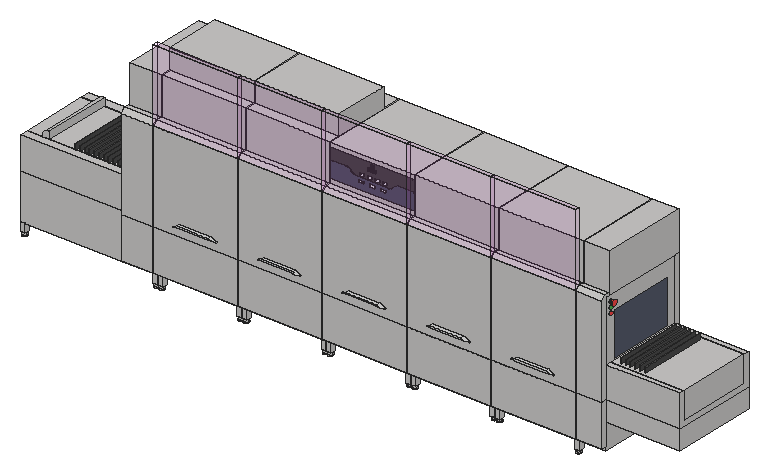
Revit family "QF_ELECTROLUXPROFESSIONAL_520120_EFTD082EL2U2D1M5ER385", category Attrezzature speciali, Revit 2020
Family settings
  Quota connettore circolare = Usa diametro
  Tipo di parte = Normale
  Basato su piano di lavoro = No
  Sempre verticale = Sì
  Taglio con vuoti quando caricato = No
  Condiviso = No
  Punto di calcolo locali = No
Parameters (values of type "Standard")
  Weight = 1381.00 kg
  Watts = 66700 W
  Volts = 380 V
  URL Manufacturer = "https://www.electroluxprofessional.com/"
  URL = "https://www.electroluxprofessional.com/"
  Steam Supply Size = 0 mm
  Steam Supply Minimum Pressure = 0.0 Pa
  Steam Supply Maximum Pressure = 0.0 Pa
  Steam Consumption per Hour = 0
  Show Logo [instance] = yes
  Show Clearance [instance] = yes
  Refrigeration Suction Line Size = 0 mm
  Refrigeration Liquid Line Size = 0 mm
  Refrigerant Compressor Remote = yes
  Prospetto di default = 0 mm
  Produttore = "Electrolux Professional"
  Phase = 3
  Modello = "EFTD082EL2U2D1M5ER385"
  Length Actual = 6250 mm  # constant formula
  Item Number = "520120"
  Hot Water Size = 0 mm
  Height Actual = 1983 mm  # constant formula
  HP = "89.4 HP"
  Gas Size = 0 mm
  Gas KW = 0
  Gas Input Pressure = 0 W
  Direct Waste Size = 50.8 mm
  Descrizione = "FT, 3TANKS, 8200D/H, EL., 950MM LOADING, 1300MM UNLOADING, 1DRYER, 55MM CONVEYOR,ESD,R>L,380V50HZ3P"
  Depth Actual = 946 mm  # constant formula
  Cycle = 50 Hz
  Condensate Return Size = 0 mm
  Compressed Air Volume = 0.0 L/s
  Compressed Air Size = 0 mm
  Compressed Air Pressure = 0.0 Pa
  Cold Water Size = 0 mm
  Accessory = yes
Reference planes
  plane 1 "Centro (Fronte/Retro)": y = 0
  plane 2: z = 0
  plane 3 "Centro (Sinistra/Destra)": x = 0
  plane 4: z = 115
Forms (mm)
  Extrusion 1, solid, material "QF_Finishes_Stainless Steel"
    sketch origin (2582.404, 2, 1806.023) x (1, 0, 0) y (0, 0, 1)
      loop
        line (407.596, -163.023) -> (407.596, -183.023) -> (427.596, -183.023) -> (427.596, -163.023) -> (407.596, -163.023)
    from 0 to 2
  Extrusion 2, solid, material "QF_Finishes_Stainless Steel"
    sketch origin (-5.617, 22.464, 1290.159) x (0, 0, -1) y (0, 1, 0)
      loop
        circle (1102.159, -772.464) r 25
    from -9.383 to 5.617
  Extrusion 3, solid, material "QF_Finishes_Stainless Steel"
    sketch origin (3242.404, 2, 337.984) x (1, 0, 0) y (0, 0, 1)
      loop
        line (407.596, -163.023) -> (407.596, -183.023) -> (427.596, -183.023) -> (427.596, -163.023) -> (407.596, -163.023)
    from 0 to 2
  Extrusion 4, solid, material "QF_Finishes_Stainless Steel"
    sketch origin (647.841, 200.464, 109.383) x (1, 0, 0) y (0, 1, 0)
      loop
        circle (1102.159, -772.464) r 10
    from -9.383 to 5.617
Dimensions and locks
  plane 4 to level = 115 mm
  aligned and locked: level to plane 2
Nested families
  nested 1: "MODULO_CENTER_800_FAN" at (1683.563, -388.258, 0), Show Clearance <- "Show Clearance", type "MODULO_CENTER_800_FAN"
    with Show Logo yes, Show Clearance yes, R_L no, L_R yes
  nested 2: "MODULO_CENTER_800_FAN" at (2483.563, -388.258, 0), Show Clearance <- "Show Clearance", type "MODULO_CENTER_800_FAN"
    with Show Logo yes, Show Clearance yes, R_L no, L_R yes
  nested 3: "MODULO_CENTER_800" at (3283.563, -388.258, 0), Show Clearance <- "Show Clearance", type "MODULO_CENTER_800"
    with Show Logo yes, Show Clearance yes, R_L no, L_R yes
  nested 4: "MODULO_ENTRY_DISH_950" at (5691.437, -523.742, 0) x (-1, 0, 0) z (0, 0, 1), type "MODULO_ENTRY_DISH_950"
    with Show Logo yes, Show Clearance yes, R_L yes, L_R no
  nested 5: "MODULO_USCITA_DISH_1300" at (941.437, -523.742, 0) x (-1, 0, 0) z (0, 0, 1), type "MODULO_USCITA_DISH_1300"
    with Show Logo yes, Show Clearance yes, R_L no, L_R yes
  nested 6: "Piedino_Square_115H" at (23.5, -838.5, 0), type "Piedino_Square_115H"
  nested 7: "Piedino_Square_115H" at (23.5, -73.5, 0), type "Piedino_Square_115H"
  nested 8: "Piedino_Square_115H" at (1276.5, -838.5, 0), type "Piedino_Square_115H"
  nested 9: "Piedino_Square_115H" at (1276.5, -73.5, 0), type "Piedino_Square_115H"
  nested 10: "Piedino_Square_115H" at (1323.5, -838.5, 0), type "Piedino_Square_115H"
  nested 11: "Piedino_Square_115H" at (1323.5, -73.5, 0), type "Piedino_Square_115H"
  nested 12: "Piedino_Square_115H" at (2076.5, -838.5, 0), type "Piedino_Square_115H"
  nested 13: "Piedino_Square_115H" at (2076.5, -73.5, 0), type "Piedino_Square_115H"
  nested 14: "Piedino_Square_115H" at (2123.5, -838.5, 0) x (-1, 0, 0) z (0, 0, 1), type "Piedino_Square_115H"
  nested 15: "Piedino_Square_115H" at (2123.5, -73.5, 0) x (-1, 0, 0) z (0, 0, 1), type "Piedino_Square_115H"
  nested 16: "Piedino_Square_115H" at (2876.5, -838.5, 0) x (-1, 0, 0) z (0, 0, 1), type "Piedino_Square_115H"
  nested 17: "Piedino_Square_115H" at (2876.5, -73.5, 0) x (-1, 0, 0) z (0, 0, 1), type "Piedino_Square_115H"
  nested 18: "Piedino_Square_115H" at (2923.5, -838.5, 0), type "Piedino_Square_115H"
  nested 19: "Piedino_Square_115H" at (2923.5, -73.5, 0), type "Piedino_Square_115H"
  nested 20: "Piedino_Square_115H" at (3676.5, -838.5, 0), type "Piedino_Square_115H"
  nested 21: "Piedino_Square_115H" at (3676.5, -73.5, 0), type "Piedino_Square_115H"
  nested 22: "MANIGLIA_FLIGHT_400" at (3300, -912, 639.28) x (1, 0, 0) z (0, -1, 0), type "MANIGLIA_FLIGHT_400"
  nested 23: "MANIGLIA_FLIGHT_400" at (2500, -912, 639.28) x (1, 0, 0) z (0, -1, 0), type "MANIGLIA_FLIGHT_400"
  nested 24: "MANIGLIA_FLIGHT_400" at (1700, -912, 639.28) x (1, 0, 0) z (0, -1, 0), type "MANIGLIA_FLIGHT_400"
  nested 25: "MODULO_CENTER_800" at (4116.437, -388.258, 0) x (-1, 0, 0) z (0, 0, 1), Show Clearance <- "Show Clearance", type "MODULO_CENTER_800"
    with Show Logo yes, Show Clearance yes, R_L no, L_R yes
  nested 26: "Piedino_Square_115H" at (4476.5, -838.5, 0) x (-1, 0, 0) z (0, 0, 1), type "Piedino_Square_115H"
  nested 27: "Piedino_Square_115H" at (4476.5, -73.5, 0) x (-1, 0, 0) z (0, 0, 1), type "Piedino_Square_115H"
  nested 28: "Piedino_Square_115H" at (3723.5, -838.5, 0) x (-1, 0, 0) z (0, 0, 1), type "Piedino_Square_115H"
  nested 29: "Piedino_Square_115H" at (3723.5, -73.5, 0) x (-1, 0, 0) z (0, 0, 1), type "Piedino_Square_115H"
  nested 30: "MANIGLIA_FLIGHT_400" at (4100, -912, 639.28) x (-1, 0, 0) z (0, -1, 0), type "MANIGLIA_FLIGHT_400"
  nested 31: "MODULO_CENTER_800" at (4883.563, -388.258, 0), Show Clearance <- "Show Clearance", type "MODULO_CENTER_800"
    with Show Logo yes, Show Clearance yes, R_L no, L_R yes
  nested 32: "Piedino_Square_115H" at (4523.5, -838.5, 0), type "Piedino_Square_115H"
  nested 33: "Piedino_Square_115H" at (4523.5, -73.5, 0), type "Piedino_Square_115H"
  nested 34: "Piedino_Square_115H" at (5276.5, -838.5, 0), type "Piedino_Square_115H"
  nested 35: "Piedino_Square_115H" at (5276.5, -73.5, 0), type "Piedino_Square_115H"
  nested 36: "MANIGLIA_FLIGHT_400" at (4900, -912, 639.28) x (1, 0, 0) z (0, -1, 0), type "MANIGLIA_FLIGHT_400"
  nested 37: "Schermo_Flight_800" at (3300, -815, 1594.493) x (1, 0, 0) z (0, -1, 0), type "Schermo_Flight_800"
  nested 38: "ELX_LOGO_WORDS_WHITE" at (3300, -816.6, 1684.493) x (1, 0, 0) z (0, -1, 0), Show Logo <- "Show Logo", visible <- "Show Logo", type "ELX_LOGO_WORDS_WHITE"
    with Show Logo yes
  nested 39: "ELX_LOGO_MONO_SMALL_WHITE" at (3290.08, -816.6, 1670.493) x (-1, 0, 0) z (0, -1, 0), Show Logo <- "Show Logo", visible <- "Show Logo", type "ELX_LOGO_MONO_SMALL_WHITE"
    with Show Logo yes
Connectors
  electrical at (3000, 2, 1633)
    settings: on Extrusion 1, index 69, voltage 0 V, apparent load 0 VA, apparent load phase1 0 VA, apparent load phase2 0 VA, apparent load phase3 0 VA, power factor 1, load classification "Altro", number of poles 1, system type 30, power factor state 1, is connector primary yes, connector utility no, sub classification motor no, connector description "EI"
  piping at (-15, -750, 188), diameter 50
    settings: on Extrusion 2, index 70, connector inside diameter 609.6 mm, connector length 0 mm, flow factor 0, pipe flow 0.0 L/s, pressure drop 0.0 Pa, fitting loss kfactor 0, connector angle 0.00°, fixture units 0, engagement length 0 mm, angle of deflection 0.00°, flow configuration 0, flow direction 0, fitting loss method 0, system type 29, joint type 0, gender type 0, connector reference index -1, connector utility 0, adjustable connector no, is connector primary yes, connector description "D"
  electrical at (3660, 2, 164.961)
    settings: on Extrusion 3, index 71, voltage 0 V, apparent load 0 VA, apparent load phase1 0 VA, apparent load phase2 0 VA, apparent load phase3 0 VA, power factor 1, load classification "Altro", number of poles 1, system type 30, power factor state 1, is connector primary no, connector utility no, sub classification motor no, connector description "EQ"
  piping at (1750, -572, 100), diameter 19.1
    settings: on Extrusion 4, index 72, connector inside diameter 609.6 mm, connector length 0 mm, flow factor 0, pipe flow 0.0 L/s, pressure drop 0.0 Pa, fitting loss kfactor 0, connector angle 0.00°, fixture units 0, engagement length 0 mm, angle of deflection 0.00°, flow configuration 0, flow direction 0, fitting loss method 0, system type 29, joint type 0, gender type 0, connector reference index -1, connector utility 0, adjustable connector no, is connector primary no, connector description "HWI/CWI"
Definition of nested family "MODULO_CENTER_800_FAN"
  Parameters (values of type "MODULO_CENTER_800_FAN")
    URL = "http://professional.electrolux.com"
    Show Logo [instance] = yes
    R_L [instance] = not(L_R)  # no
    Default Elevation = 0 mm
    Manufacturer = "Electrolux"
    Model = "ESR10E5"
    Length Actual = 800 mm
    Show Clearance [instance] = yes
    L_R [instance] = yes
    Height Actual = 1792 mm
    Description = "SINGLE RINSE RT, 100R/H, ELECTRIC 50HZ"
    Depth Actual = 912 mm
  Reference planes
    plane 1 "Center X": y = -67.742
    plane 2: z = 0
    plane 3 "LEFT": x = -383.563
    plane 4 "RIGHT": x = 416.437
    plane 5 "BACK": y = 388.258
    plane 6 "FEET": z = 115
    plane 7: z = 2092
    plane 8 "TOP": z = 1792
    plane 9 "FRONT": y = -523.742
    plane 10 "Left/Right": x = 16.437
    plane 11 "TopVent": z = 1983
  Forms (mm)
    Extrusion 1, solid
      sketch origin (416.437, 479.936, 4000) x (0, 1, 0) y (0, 0, 1)
        loop
          line (-91.678, -2208) -> (-906.678, -2208) -> (-906.678, -2580) -> (-91.678, -2580) -> (-91.678, -2208)
      from -800 to 0
    Extrusion 2, solid
      sketch origin (-383.563, 437.565, 3910) x (0, 1, 0) y (0, 0, 1)
        loop
          line (-99.307, -2490) -> (-911.307, -2490) -> (-911.307, -3552) -> (-99.307, -3552) -> (-99.307, -2490)
      from 800 to 0
    Extrusion 3, solid
      sketch origin (416.437, 479.936, 4299) x (0, 1, 0) y (0, 0, 1)
        loop
          line (-278.21, -2316) -> (-803.678, -2316) -> (-803.678, -2507) -> (-278.21, -2507) -> (-278.21, -2316)
      from -800 to 0
    Extrusion 4, solid
      sketch origin (16.437, 0, 1.5) x (0, 0, 1) y (0, -1, 0)
        loop
          line (356.5, -338.258) -> (356.5, 473.742) -> (113.5, 473.742) -> (113.5, -338.258) -> (356.5, -338.258)
      from 400 to -400
    Extrusion 5, solid
      sketch origin (16.437, 0, 0) x (0, 0, 1) y (0, -1, 0)
        loop
          line (1420, -338.258) -> (545, -338.258) -> (545, -388.258) -> (1420, -388.258) -> (1420, -338.258)
      from -400 to 400
    Extrusion 6, solid
      sketch origin (16.437, 0, 0) x (0, 0, 1) y (0, -1, 0)
        loop
          line (545, -388.258) -> (545, -338.258) -> (154, -338.258) -> (154, -388.258) -> (545, -388.258)
      from -400 to 400
    Extrusion 7, solid
      sketch origin (16.437, -882.484, -150) x (0, -1, 0) y (0, 0, 1)
        loop
          line (-358.742, 304) -> (-358.742, 695) -> (-408.742, 695) -> (-408.742, 304) -> (-358.742, 304)
      from -400 to 400
    Extrusion 8, solid
      sketch origin (16.437, -882.484, -151) x (0, -1, 0) y (0, 0, 1)
        loop
          line (-408.742, 1571) -> (-408.742, 696) -> (-358.742, 696) -> (-358.742, 1556) -> (-395.742, 1593) -> (-443.742, 1593) -> (-443.742, 1571) -> (-408.742, 1571)
      from -400 to 400
    Extrusion 9, solid, visible <- "Show Clearance"
      sketch origin (16.437, -882.484, 452) x (0, -1, 0) y (0, 0, 1)
        loop
          line (-408.742, 1640) -> (-408.742, 953.624) -> (-358.742, 953.624) -> (-358.742, 1640) -> (-408.742, 1640)
      from -400 to 400
  Dimensions and locks
    plane 3 "LEFT" to plane 4 "RIGHT" = 800 mm
    plane 5 "BACK" to plane 1 "Center X" to plane 9 "FRONT" = 456 mm, 456 mm
    plane 6 "FEET" to level = 115 mm  (x2)
    plane 6 "FEET" to plane 8 "TOP" = 1677 mm
    plane 5 "BACK" to plane 9 "FRONT" = 912 mm  (x2)
    plane 4 "RIGHT" to plane 3 "LEFT" = 800 mm
    plane 9 "FRONT" to plane 5 "BACK" = 912 mm
    level to plane 8 "TOP" = 1792 mm  (x2)
    plane 7 to level = 2092 mm
    plane 11 "TopVent" to plane 2 = 1983 mm
    plane 7 to plane 2 = 2092 mm
    Extrusion 2 to level = 1420 mm
    Extrusion 8 to level = 1442 mm
    plane 11 "TopVent" to level = 1983 mm
    aligned and locked: level to plane 2
Definition of nested family "MODULO_CENTER_800"
  Parameters (values of type "MODULO_CENTER_800")
    URL = "http://professional.electrolux.com"
    Show Logo [instance] = yes
    R_L [instance] = not(L_R)  # no
    Default Elevation = 0 mm
    Manufacturer = "Electrolux"
    Model = "ESR10E5"
    Length Actual = 800 mm
    Show Clearance [instance] = yes
    L_R [instance] = yes
    Height Actual = 1792 mm
    Description = "SINGLE RINSE RT, 100R/H, ELECTRIC 50HZ"
    Depth Actual = 912 mm
  Reference planes
    plane 1 "Center X": y = -67.742
    plane 2: z = 0
    plane 3 "LEFT": x = -383.563
    plane 4 "RIGHT": x = 416.437
    plane 5 "BACK": y = 388.258
    plane 6 "FEET": z = 115
    plane 7: z = 2092
    plane 8 "TOP": z = 1792
    plane 9 "FRONT": y = -523.742
    plane 10 "Left/Right": x = 16.437
  Forms (mm)
    Extrusion 1, solid
      sketch origin (416.437, 479.936, 4000) x (0, 1, 0) y (0, 0, 1)
        loop
          line (-91.678, -2208) -> (-906.678, -2208) -> (-906.678, -2580) -> (-91.678, -2580) -> (-91.678, -2208)
      from -800 to 0
    Extrusion 2, solid
      sketch origin (-383.563, 437.565, 3915) x (0, 1, 0) y (0, 0, 1)
        loop
          line (-99.307, -2495) -> (-911.307, -2495) -> (-911.307, -3557) -> (-99.307, -3557) -> (-99.307, -2495)
      from 800 to 0
    Extrusion 3, solid
      sketch origin (16.437, 0, 1.5) x (0, 0, 1) y (0, -1, 0)
        loop
          line (356.5, -338.258) -> (356.5, 473.742) -> (113.5, 473.742) -> (113.5, -338.258) -> (356.5, -338.258)
      from 400 to -400
    Extrusion 4, solid
      sketch origin (16.437, 0, 0) x (0, 0, 1) y (0, -1, 0)
        loop
          line (1420, -338.258) -> (545, -338.258) -> (545, -388.258) -> (1420, -388.258) -> (1420, -338.258)
      from -400 to 400
    Extrusion 5, solid
      sketch origin (16.437, 0, 0) x (0, 0, 1) y (0, -1, 0)
        loop
          line (545, -388.258) -> (545, -338.258) -> (154, -338.258) -> (154, -388.258) -> (545, -388.258)
      from -400 to 400
    Extrusion 6, solid
      sketch origin (16.437, -882.484, -150) x (0, -1, 0) y (0, 0, 1)
        loop
          line (-358.742, 304) -> (-358.742, 695) -> (-408.742, 695) -> (-408.742, 304) -> (-358.742, 304)
      from -400 to 400
    Extrusion 7, solid
      sketch origin (16.437, -882.484, -151) x (0, -1, 0) y (0, 0, 1)
        loop
          line (-408.742, 1571) -> (-408.742, 696) -> (-358.742, 696) -> (-358.742, 1556) -> (-395.742, 1593) -> (-443.742, 1593) -> (-443.742, 1571) -> (-408.742, 1571)
      from -400 to 400
    Extrusion 8, solid, visible <- "Show Clearance"
      sketch origin (16.437, -882.484, 452) x (0, -1, 0) y (0, 0, 1)
        loop
          line (-408.742, 1640) -> (-408.742, 953.624) -> (-358.742, 953.624) -> (-358.742, 1640) -> (-408.742, 1640)
      from -400 to 400
  Dimensions and locks
    plane 3 "LEFT" to plane 4 "RIGHT" = 800 mm
    plane 5 "BACK" to plane 1 "Center X" to plane 9 "FRONT" = 456 mm, 456 mm
    plane 6 "FEET" to level = 115 mm  (x2)
    plane 6 "FEET" to plane 8 "TOP" = 1677 mm
    plane 5 "BACK" to plane 9 "FRONT" = 912 mm  (x2)
    plane 4 "RIGHT" to plane 3 "LEFT" = 800 mm
    plane 9 "FRONT" to plane 5 "BACK" = 912 mm
    level to plane 8 "TOP" = 1792 mm  (x2)
    plane 7 to level = 2092 mm
    plane 7 to plane 2 = 2092 mm
    Extrusion 2 to level = 1420 mm
    Extrusion 7 to level = 1442 mm
    aligned and locked: level to plane 2
Definition of nested family "MODULO_ENTRY_DISH_950"
  Parameters (values of type "MODULO_ENTRY_DISH_950")
    URL = "http://professional.electrolux.com"
    Show Logo [instance] = yes
    R_L [instance] = not(L_R)  # no
    Default Elevation = 0 mm
    Manufacturer = "Electrolux"
    Model = "ESR10E5"
    Length Actual = 800 mm
    Show Clearance [instance] = yes
    L_R [instance] = yes
    Height Actual = 1792 mm
    Description = "SINGLE RINSE RT, 100R/H, ELECTRIC 50HZ"
    Depth Actual = 912 mm
  Reference planes
    plane 1 "Center (Front/Back)": y = -67.742
    plane 2: z = 0
    plane 3 "LEFT": x = -558.563
    plane 4 "RIGHT": x = 391.437
    plane 5 "BACK": y = 388.258
    plane 6 "FRONT": y = -523.742
    plane 7 "BUTTONS": y = -427.742
    plane 8: z = 115
    plane 9 "2": y = 292.258
  Forms (mm)
    Extrusion 1, solid, visible <- "L_R"
      sketch origin (391.437, 479.936, 4000) x (0, 1, 0) y (0, 0, 1)
        loop
          line (-91.678, -2208) -> (-906.678, -2208) -> (-906.678, -2580) -> (-91.678, -2580) -> (-91.678, -2208)
      from -250 to 0
    Extrusion 2, solid
      sketch origin (-358.563, 437.565, 3910) x (0, 1, 0) y (0, 0, 1)
        loop
          line (-99.307, -2490) -> (-911.307, -2490) -> (-911.307, -3552) -> (-99.307, -3552) -> (-99.307, -2490)
      from 750 to 500
    Extrusion 3, solid
      sketch origin (-558.563, 437.565, 3910) x (0, 1, 0) y (0, 0, 1)
        loop
          line (-99.307, -3365) -> (-99.307, -3060) -> (-149.307, -3060) -> (-149.307, -3315) -> (-861.307, -3315) -> (-861.307, -3060) -> (-911.307, -3060) -> (-911.307, -3365) -> (-99.307, -3365)
      from 700 to 0
    Extrusion 4, solid
      sketch origin (16.437, 0, -4.987) x (0, 0, 1) y (0, -1, 0)
        loop
          line (362.987, -338.258) -> (362.987, 473.742) -> (119.987, 473.742) -> (119.987, -338.258) -> (362.987, -338.258)
      from 375 to 125
    Extrusion 5, solid, visible <- "L_R"
      sketch origin (16.437, 0, 0) x (0, 0, 1) y (0, -1, 0)
        loop
          line (1420, -338.258) -> (545, -338.258) -> (545, -388.258) -> (1420, -388.258) -> (1420, -338.258)
      from 125 to 375
    Extrusion 6, solid
      sketch origin (16.437, 0, 0) x (0, 0, 1) y (0, -1, 0)
        loop
          line (545, -388.258) -> (545, -338.258) -> (154, -338.258) -> (154, -388.258) -> (545, -388.258)
      from 125 to 375
    Extrusion 7, solid
      sketch origin (-558.563, 437.565, 3607.258) x (0, 1, 0) y (0, 0, 1)
        loop
          line (-99.307, -3249.258) -> (-99.307, -3062.258) -> (-911.307, -3062.258) -> (-911.307, -3249.258) -> (-99.307, -3249.258)
      from 700 to 0
    Extrusion 8, solid
      sketch origin (-558.563, 437.565, 4000) x (0, 1, 0) y (0, 0, 1)
        loop
          line (-149.307, -3150) -> (-861.307, -3150) -> (-861.307, -3405) -> (-149.307, -3405) -> (-149.307, -3150)
      from 0 to 700
    Extrusion 9, solid
      sketch origin (266.437, -882.484, -150) x (0, -1, 0) y (0, 0, 1)
        loop
          line (-358.742, 304) -> (-358.742, 695) -> (-408.742, 695) -> (-408.742, 304) -> (-358.742, 304)
      from -125 to 125
    Extrusion 10, solid, visible <- "L_R"
      sketch origin (266.437, -882.484, -151) x (0, -1, 0) y (0, 0, 1)
        loop
          line (-408.742, 1571) -> (-408.742, 696) -> (-358.742, 696) -> (-358.742, 1556) -> (-395.742, 1593) -> (-443.742, 1593) -> (-443.742, 1571) -> (-408.742, 1571)
      from -125 to 125
    Extrusion 11, solid
      sketch origin (-358.563, 437.565, 4000) x (0, 1, 0) y (0, 0, 1)
        loop
          line (-199.307, -2725.701) -> (-811.307, -2725.701) -> (-811.307, -3137.701) -> (-199.307, -3137.701) -> (-199.307, -2725.701)
      from 495.458 to 500
    Extrusion 12, solid, visible <- "R_L"
      sketch origin (266.437, 747, -151) x (0, 1, 0) y (0, 0, -1)
        loop
          line (-408.742, -1571) -> (-443.742, -1571) -> (-443.742, -1593) -> (-395.742, -1593) -> (-358.742, -1556) -> (-358.742, -696) -> (-408.742, -696) -> (-408.742, -1571)
      from -125 to 125
    Extrusion 13, solid, visible <- "R_L"
      sketch origin (16.437, -135.484, 0) x (0, 0, 1) y (0, -1, 0)
        loop
          line (1420, 338.258) -> (1420, 388.258) -> (545, 388.258) -> (545, 338.258) -> (1420, 338.258)
      from 125 to 375
    Extrusion 14, solid, visible <- "R_L"
      sketch origin (391.437, -615.42, 4000) x (0, -1, 0) y (0, 0, -1)
        loop
          line (-91.678, 2208) -> (-91.678, 2580) -> (-906.678, 2580) -> (-906.678, 2208) -> (-91.678, 2208)
      from -250 to 0
    Extrusion 15, solid
      sketch origin (-191.477, -192.742, -3) x (-1, 0, 0) y (0, 0, 1)
        loop
          line (-26.676, 853) -> (-26.676, 898) -> (-36.676, 898) -> (-36.676, 853) -> (-26.676, 853)
      from -196 to 446
    Extrusion 16, solid
      sketch origin (-146.477, -192.742, -3) x (-1, 0, 0) y (0, 0, 1)
        loop
          line (-26.676, 853) -> (-26.676, 898) -> (-36.676, 898) -> (-36.676, 853) -> (-26.676, 853)
      from -196 to 446
    Extrusion 17, solid
      sketch origin (-101.477, -192.742, -3) x (-1, 0, 0) y (0, 0, 1)
        loop
          line (-26.676, 853) -> (-26.676, 898) -> (-36.676, 898) -> (-36.676, 853) -> (-26.676, 853)
      from -196 to 446
    Extrusion 18, solid
      sketch origin (-56.477, -192.742, -3) x (-1, 0, 0) y (0, 0, 1)
        loop
          line (-26.676, 853) -> (-26.676, 898) -> (-36.676, 898) -> (-36.676, 853) -> (-26.676, 853)
      from -196 to 446
    Extrusion 19, solid
      sketch origin (-11.477, -192.742, -3) x (-1, 0, 0) y (0, 0, 1)
        loop
          line (-26.676, 853) -> (-26.676, 898) -> (-36.676, 898) -> (-36.676, 853) -> (-26.676, 853)
      from -196 to 446
    Extrusion 20, solid
      sketch origin (33.523, -192.742, -3) x (-1, 0, 0) y (0, 0, 1)
        loop
          line (-26.676, 853) -> (-26.676, 898) -> (-36.676, 898) -> (-36.676, 853) -> (-26.676, 853)
      from -196 to 446
  Dimensions and locks
    plane 3 "LEFT" to plane 4 "RIGHT" = 950 mm
    plane 5 "BACK" to plane 1 "Center (Front/Back)" to plane 6 "FRONT" = 456 mm, 456 mm
    plane 5 "BACK" to plane 6 "FRONT" = 912 mm  (x2)
    plane 4 "RIGHT" to plane 3 "LEFT" = 950 mm  (x2)
    plane 6 "FRONT" to plane 5 "BACK" = 912 mm
    plane 8 to level = 115 mm
    Extrusion 1 to level = 1792 mm
    Extrusion 3 to level = 850 mm
    aligned and locked: level to plane 2
  Nested families
    nested 1: "BOTTONE_RED_STOP" at (141.437, -427.742, 1266.906) x (0, -1, 0) z (-1, 0, 0), visible <- "L_R", type "BOTTONE_RED_STOP"
    nested 2: "BOTTONE_EMERGENCY_STOP" at (141.437, -427.742, 1370) x (0, -1, 0) z (-1, 0, 0), visible <- "L_R", type "BOTTONE_EMERGENCY_STOP"
    nested 3: "BOTTONE_GREEN_START" at (141.437, -427.742, 1316.906) x (0, -1, 0) z (-1, 0, 0), visible <- "L_R", type "BOTTONE_GREEN_START"
    nested 4: "BOTTONE_RED_STOP" at (141.437, 292.258, 1267.906) x (0, 1, 0) z (-1, 0, 0), visible <- "R_L", type "BOTTONE_RED_STOP"
    nested 5: "BOTTONE_EMERGENCY_STOP" at (141.437, 292.258, 1371) x (0, 1, 0) z (-1, 0, 0), visible <- "R_L", type "BOTTONE_EMERGENCY_STOP"
    nested 6: "BOTTONE_GREEN_START" at (141.437, 292.258, 1317.906) x (0, 1, 0) z (-1, 0, 0), visible <- "R_L", type "BOTTONE_GREEN_START"
  Definition of nested family "BOTTONE_RED_STOP"
    Parameters (values of type "BOTTONE_RED_STOP")
      Default Elevation = 1219.2 mm
    Reference planes
      plane 1 "Centro (Fronte/Retro)": y = 0
      plane 2: z = 0
      plane 3 "Centro (Sinistra/Destra)": x = 0
    Forms (mm)
      Extrusion 1, solid
        sketch origin (0, 0, 0) x (1, 0, 0) y (0, 1, 0)
          loop
            line (-1219.2, 1219.2) -> (-1219.2, -1219.2) -> (1219.2, -1219.2) -> (1219.2, 1219.2) -> (-1219.2, 1219.2)
        from 0 to -304.8
      Extrusion 2, solid
        sketch origin (-367.513, 69.533, 15) x (-1, 0, 0) y (0, 1, 0)
          loop
            circle (-367.513, -69.533) r 15
        from 0 to 15
    Dimensions and locks
      aligned and locked: plane 2 to Extrusion 1
      aligned and locked: level to Extrusion 1
  Definition of nested family "BOTTONE_EMERGENCY_STOP"
    Parameters
      Default Elevation = 1219.2 mm
    Reference planes
      plane 1 "Centro (Fronte/Retro)": y = 0
      plane 2: z = 0
      plane 3 "Centro (Sinistra/Destra)": x = 0
    Forms (mm)
      Extrusion 1, solid
        sketch origin (0, 0, 0) x (1, 0, 0) y (0, 1, 0)
          loop
            line (-1219.2, 1219.2) -> (-1219.2, -1219.2) -> (1219.2, -1219.2) -> (1219.2, 1219.2) -> (-1219.2, 1219.2)
        from 0 to -304.8
      Extrusion 2, solid
        sketch origin (0, 0, 0) x (1, 0, 0) y (0, 1, 0)
          loop
            circle (0, 0) r 15
        from 0 to 20.273
      Blend 3, solid
        base sketch origin (-49.801, 0, 0) x (1, 0, 0) y (0, 1, 0)
          loop
            circle (49.801, 0) r 15
        top sketch origin (-49.801, 0, 0) x (1, 0, 0) y (0, 1, 0)
          loop
            circle (49.801, 0) r 25
        from 20.273 to 47.605
    Dimensions and locks
      aligned and locked: plane 2 to Extrusion 1
      aligned and locked: level to Extrusion 1
  Definition of nested family "BOTTONE_GREEN_START"
    Parameters (values of type "BOTTONE_GREEN_START")
      Default Elevation = 1219.2 mm
    Reference planes
      plane 1 "Centro (Fronte/Retro)": y = 0
      plane 2: z = 0
      plane 3 "Centro (Sinistra/Destra)": x = 0
    Forms (mm)
      Extrusion 1, solid
        sketch origin (0, 0, 0) x (1, 0, 0) y (0, 1, 0)
          loop
            line (-1219.2, 1219.2) -> (-1219.2, -1219.2) -> (1219.2, -1219.2) -> (1219.2, 1219.2) -> (-1219.2, 1219.2)
        from 0 to -304.8
      Extrusion 2, solid
        sketch origin (-367.513, 69.533, 15) x (-1, 0, 0) y (0, 1, 0)
          loop
            circle (-367.513, -69.533) r 15
        from 0 to 15
    Dimensions and locks
      aligned and locked: plane 2 to Extrusion 1
      aligned and locked: level to Extrusion 1
Definition of nested family "MODULO_USCITA_DISH_1300"
  Parameters (values of type "MODULO_USCITA_DISH_1300")
    URL = "http://professional.electrolux.com"
    Show Logo [instance] = yes
    R_L [instance] = not(L_R)  # yes
    Default Elevation = 0 mm
    Manufacturer = "Electrolux"
    Model = "ESR10E5"
    Length Actual = 800 mm
    Show Clearance [instance] = yes
    L_R [instance] = no
    Height Actual = 1792 mm
    Description = "SINGLE RINSE RT, 100R/H, ELECTRIC 50HZ"
    Depth Actual = 912 mm
  Reference planes
    plane 1 "Center (Front/Back)": y = -67.742
    plane 2: z = 0
    plane 3 "LEFT": x = -358.563
    plane 4 "BACK": y = 388.258
    plane 5 "FEET": z = 115
    plane 6 "TOP": z = 1792
    plane 7 "FRONT": y = -523.742
    plane 8 "Left/Right": x = 16.437
    plane 9: x = -358.563
    plane 10: y = -427.742
    plane 11 "RIGHT": x = 941.437
  Forms (mm)
    Extrusion 1, solid, visible <- "R_L"
      sketch origin (-358.563, 479.936, 4003) x (0, 1, 0) y (0, 0, -1)
        loop
          line (-91.678, 2211) -> (-91.678, 2583) -> (-906.678, 2583) -> (-906.678, 2211) -> (-91.678, 2211)
      from -300 to 0
    Extrusion 2, solid
      sketch origin (-358.563, 437.565, 4003) x (0, 1, 0) y (0, 0, 1)
        loop
          line (-99.307, -3458) -> (-911.307, -3458) -> (-911.307, -3888) -> (-99.307, -3888) -> (-99.307, -3458)
      from 300 to 0
    Extrusion 3, solid
      sketch origin (-358.563, 479.936, 4003) x (0, 1, 0) y (0, 0, -1)
        loop
          line (-141.678, 2583) -> (-141.678, 3458) -> (-953.678, 3458) -> (-953.678, 2583) -> (-141.678, 2583)
      from -300 to 0
    Extrusion 4, solid
      sketch origin (391.437, 437.565, 3913) x (0, 1, 0) y (0, 0, -1)
        loop
          line (-99.307, 3368) -> (-911.307, 3368) -> (-911.307, 3063) -> (-826.307, 3063) -> (-826.307, 3318) -> (-184.307, 3318) -> (-184.307, 3063) -> (-99.307, 3063) -> (-99.307, 3368)
      from 450 to -550
    Extrusion 5, solid, visible <- "R_L"
      sketch origin (16.437, 0, 3) x (0, 0, 1) y (0, 1, 0)
        loop
          line (1417, 338.258) -> (1417, 388.258) -> (542, 388.258) -> (542, 338.258) -> (1417, 338.258)
      from 75 to 375
    Extrusion 6, solid
      sketch origin (16.437, 0, 3) x (0, 0, 1) y (0, 1, 0)
        loop
          line (542, 388.258) -> (151, 388.258) -> (151, 338.258) -> (542, 338.258) -> (542, 388.258)
      from 75 to 375
    Extrusion 7, solid
      sketch origin (391.437, 437.565, 3610.258) x (0, 1, 0) y (0, 0, -1)
        loop
          line (-99.307, 3495.258) -> (-911.307, 3495.258) -> (-911.307, 3065.258) -> (-99.307, 3065.258) -> (-99.307, 3495.258)
      from 450 to -550
    Extrusion 8, solid
      sketch origin (991.437, 0, 3) x (0, 1, 0) y (0, 0, 1)
        loop
          line (253.258, 847) -> (-388.742, 847) -> (-388.742, 592) -> (253.258, 592) -> (253.258, 847)
      from -50 to -1050
    Extrusion 9, solid
      sketch origin (-358.563, 437.565, 3928) x (0, 1, 0) y (0, 0, 1)
        loop
          line (-811.307, -3065.701) -> (-199.307, -3065.701) -> (-199.307, -2653.701) -> (-811.307, -2653.701) -> (-811.307, -3065.701)
      from 300 to 304.77
    Extrusion 10, solid
      sketch origin (-208.563, -115, -147) x (0, 1, 0) y (0, 0, 1)
        loop
          line (-358.742, 301) -> (-358.742, 692) -> (-408.742, 692) -> (-408.742, 301) -> (-358.742, 301)
      from -150 to 150
    Extrusion 11, solid, visible <- "R_L"
      sketch origin (-208.563, -882.484, -151) x (0, -1, 0) y (0, 0, 1)
        loop
          line (-408.742, 1571) -> (-408.742, 696) -> (-358.742, 696) -> (-358.742, 1556) -> (-395.742, 1593) -> (-443.742, 1593) -> (-443.742, 1571) -> (-408.742, 1571)
      from -150 to 150
    Extrusion 12, solid
      sketch origin (-39.574, -192.742, -3) x (-1, 0, 0) y (0, 0, 1)
        loop
          line (-26.676, 853) -> (-26.676, 898) -> (-36.676, 898) -> (-36.676, 853) -> (-26.676, 853)
      from -196 to 446
    Extrusion 13, solid
      sketch origin (5.426, -192.742, -3) x (-1, 0, 0) y (0, 0, 1)
        loop
          line (-26.676, 853) -> (-26.676, 898) -> (-36.676, 898) -> (-36.676, 853) -> (-26.676, 853)
      from -196 to 446
    Extrusion 14, solid
      sketch origin (50.426, -192.742, -3) x (-1, 0, 0) y (0, 0, 1)
        loop
          line (-26.676, 853) -> (-26.676, 898) -> (-36.676, 898) -> (-36.676, 853) -> (-26.676, 853)
      from -196 to 446
    Extrusion 15, solid
      sketch origin (95.426, -192.742, -3) x (-1, 0, 0) y (0, 0, 1)
        loop
          line (-26.676, 853) -> (-26.676, 898) -> (-36.676, 898) -> (-36.676, 853) -> (-26.676, 853)
      from -196 to 446
    Extrusion 16, solid
      sketch origin (140.426, -192.742, -3) x (-1, 0, 0) y (0, 0, 1)
        loop
          line (-26.676, 853) -> (-26.676, 898) -> (-36.676, 898) -> (-36.676, 853) -> (-26.676, 853)
      from -196 to 446
    Extrusion 17, solid
      sketch origin (185.426, -192.742, -3) x (-1, 0, 0) y (0, 0, 1)
        loop
          line (-26.676, 853) -> (-26.676, 898) -> (-36.676, 898) -> (-36.676, 853) -> (-26.676, 853)
      from -196 to 446
    Extrusion 18, solid
      sketch origin (230.426, -192.742, -3) x (-1, 0, 0) y (0, 0, 1)
        loop
          line (-26.676, 853) -> (-26.676, 898) -> (-36.676, 898) -> (-36.676, 853) -> (-26.676, 853)
      from -196 to 446
    Extrusion 19, solid
      sketch origin (275.426, -192.742, -3) x (-1, 0, 0) y (0, 0, 1)
        loop
          line (-26.676, 853) -> (-26.676, 898) -> (-36.676, 898) -> (-36.676, 853) -> (-26.676, 853)
      from -196 to 446
    Revolve 20, solid
      sketch origin (295, 0, 850) x (1, 0, 0) y (0, 1, 0)
        loop
          line (430.204, 253.258) -> (430.204, -388.742) -> (502.335, -388.742) -> (502.335, 253.258) -> (430.204, 253.258)
        axis (430.204, 253.258) -> (430.204, -388.742)
      angle from 0 to -90
    Extrusion 21, solid, visible <- "L_R"
      sketch origin (-208.563, 747, -151) x (0, 1, 0) y (0, 0, -1)
        loop
          line (-408.742, -1571) -> (-443.742, -1571) -> (-443.742, -1593) -> (-395.742, -1593) -> (-358.742, -1556) -> (-358.742, -696) -> (-408.742, -696) -> (-408.742, -1571)
      from -150 to 150
    Extrusion 22, solid, visible <- "L_R"
      sketch origin (16.437, -135.484, 3) x (0, 0, 1) y (0, 1, 0)
        loop
          line (1417, -338.258) -> (542, -338.258) -> (542, -388.258) -> (1417, -388.258) -> (1417, -338.258)
      from 75 to 375
    Extrusion 23, solid, visible <- "L_R"
      sketch origin (-358.563, -615.42, 4003) x (0, -1, 0) y (0, 0, 1)
        loop
          line (-91.678, -2211) -> (-906.678, -2211) -> (-906.678, -2583) -> (-91.678, -2583) -> (-91.678, -2211)
      from -300 to 0
    Extrusion 24, solid
      sketch origin (320.426, -192.742, -3) x (-1, 0, 0) y (0, 0, 1)
        loop
          line (-26.676, 853) -> (-26.676, 898) -> (-36.676, 898) -> (-36.676, 853) -> (-26.676, 853)
      from -196 to 446
    Extrusion 25, solid
      sketch origin (365.426, -192.742, -3) x (-1, 0, 0) y (0, 0, 1)
        loop
          line (-26.676, 853) -> (-26.676, 898) -> (-36.676, 898) -> (-36.676, 853) -> (-26.676, 853)
      from -196 to 446
    Extrusion 26, solid
      sketch origin (410.426, -192.742, -3) x (-1, 0, 0) y (0, 0, 1)
        loop
          line (-26.676, 853) -> (-26.676, 898) -> (-36.676, 898) -> (-36.676, 853) -> (-26.676, 853)
      from -196 to 446
    Extrusion 27, solid
      sketch origin (455.426, -192.742, -3) x (-1, 0, 0) y (0, 0, 1)
        loop
          line (-26.676, 853) -> (-26.676, 898) -> (-36.676, 898) -> (-36.676, 853) -> (-26.676, 853)
      from -196 to 446
  Dimensions and locks
    plane 4 "BACK" to plane 1 "Center (Front/Back)" to plane 7 "FRONT" = 456 mm, 456 mm
    plane 5 "FEET" to level = 115 mm  (x2)
    plane 4 "BACK" to plane 7 "FRONT" = 912 mm  (x2)
    plane 7 "FRONT" to plane 4 "BACK" = 912 mm
    level to plane 6 "TOP" = 1792 mm
    plane 3 "LEFT" to plane 8 "Left/Right" = 375 mm
    plane 8 "Left/Right" to plane 11 "RIGHT" = 925 mm
    plane 3 "LEFT" to plane 11 "RIGHT" = 1300 mm
    plane 9 to plane 11 "RIGHT" = 1300 mm
    plane 6 "TOP" to level = 1792 mm
    aligned and locked: level to plane 2
  Nested families
    nested 1: "BOTTONE_EMERGENCY_STOP" at (-58.563, -427.742, 1369) x (0, -1, 0) z (1, 0, 0), visible <- "R_L", type "BOTTONE_EMERGENCY_STOP"
    nested 2: "BOTTONE_GREEN_START" at (-58.563, -427.742, 1315.906) x (0, -1, 0) z (1, 0, 0), visible <- "R_L", type "BOTTONE_GREEN_START"
    nested 3: "BOTTONE_RED_STOP" at (-58.563, -427.742, 1265.906) x (0, -1, 0) z (1, 0, 0), visible <- "R_L", type "BOTTONE_RED_STOP"
    nested 4: "BOTTONE_EMERGENCY_STOP" at (-58.563, 292.258, 1369) x (0, 1, 0) z (1, 0, 0), visible <- "L_R", type "BOTTONE_EMERGENCY_STOP"
    nested 5: "BOTTONE_GREEN_START" at (-58.563, 292.258, 1315.906) x (0, 1, 0) z (1, 0, 0), visible <- "L_R", type "BOTTONE_GREEN_START"
    nested 6: "BOTTONE_RED_STOP" at (-58.563, 292.258, 1265.906) x (0, 1, 0) z (1, 0, 0), visible <- "L_R", type "BOTTONE_RED_STOP"
  Definition of nested family "BOTTONE_EMERGENCY_STOP"
    Parameters
      Default Elevation = 1219.2 mm
    Reference planes
      plane 1 "Centro (Fronte/Retro)": y = 0
      plane 2: z = 0
      plane 3 "Centro (Sinistra/Destra)": x = 0
    Forms (mm)
      Extrusion 1, solid
        sketch origin (0, 0, 0) x (1, 0, 0) y (0, 1, 0)
          loop
            line (-1219.2, 1219.2) -> (-1219.2, -1219.2) -> (1219.2, -1219.2) -> (1219.2, 1219.2) -> (-1219.2, 1219.2)
        from 0 to -304.8
      Extrusion 2, solid
        sketch origin (0, 0, 0) x (1, 0, 0) y (0, 1, 0)
          loop
            circle (0, 0) r 15
        from 0 to 20.273
      Blend 3, solid
        base sketch origin (-49.801, 0, 0) x (1, 0, 0) y (0, 1, 0)
          loop
            circle (49.801, 0) r 15
        top sketch origin (-49.801, 0, 0) x (1, 0, 0) y (0, 1, 0)
          loop
            circle (49.801, 0) r 25
        from 20.273 to 47.605
    Dimensions and locks
      aligned and locked: plane 2 to Extrusion 1
      aligned and locked: level to Extrusion 1
  Definition of nested family "BOTTONE_GREEN_START"
    Parameters (values of type "BOTTONE_GREEN_START")
      Default Elevation = 1219.2 mm
    Reference planes
      plane 1 "Centro (Fronte/Retro)": y = 0
      plane 2: z = 0
      plane 3 "Centro (Sinistra/Destra)": x = 0
    Forms (mm)
      Extrusion 1, solid
        sketch origin (0, 0, 0) x (1, 0, 0) y (0, 1, 0)
          loop
            line (-1219.2, 1219.2) -> (-1219.2, -1219.2) -> (1219.2, -1219.2) -> (1219.2, 1219.2) -> (-1219.2, 1219.2)
        from 0 to -304.8
      Extrusion 2, solid
        sketch origin (-367.513, 69.533, 15) x (-1, 0, 0) y (0, 1, 0)
          loop
            circle (-367.513, -69.533) r 15
        from 0 to 15
    Dimensions and locks
      aligned and locked: plane 2 to Extrusion 1
      aligned and locked: level to Extrusion 1
  Definition of nested family "BOTTONE_RED_STOP"
    Parameters (values of type "BOTTONE_RED_STOP")
      Default Elevation = 1219.2 mm
    Reference planes
      plane 1 "Centro (Fronte/Retro)": y = 0
      plane 2: z = 0
      plane 3 "Centro (Sinistra/Destra)": x = 0
    Forms (mm)
      Extrusion 1, solid
        sketch origin (0, 0, 0) x (1, 0, 0) y (0, 1, 0)
          loop
            line (-1219.2, 1219.2) -> (-1219.2, -1219.2) -> (1219.2, -1219.2) -> (1219.2, 1219.2) -> (-1219.2, 1219.2)
        from 0 to -304.8
      Extrusion 2, solid
        sketch origin (-367.513, 69.533, 15) x (-1, 0, 0) y (0, 1, 0)
          loop
            circle (-367.513, -69.533) r 15
        from 0 to 15
    Dimensions and locks
      aligned and locked: plane 2 to Extrusion 1
      aligned and locked: level to Extrusion 1
Definition of nested family "Piedino_Square_115H"
  Parameters (values of type "Piedino_Square_115H")
    Default Elevation = 0 mm
  Reference planes
    plane 1 "Centro (Fronte/Retro)": y = 0
    plane 2: z = 0
    plane 3 "Centro (Sinistra/Destra)": x = 0
    plane 4: z = 115
  Forms (mm)
    Extrusion 1, solid
      sketch origin (0, 0, 0) x (1, 0, 0) y (0, 1, 0)
        loop
          circle (0, 0) r 23
      from 0 to 5
    Extrusion 2, solid
      sketch origin (0, 0, 5) x (1, 0, 0) y (0, 1, 0)
        loop
          circle (0, 0) r 20
      from 0 to 25.777
    Extrusion 3, solid
      sketch origin (0, 0, 30.777) x (1, 0, 0) y (0, 1, 0)
        loop
          line (-23.5, 23.5) -> (-23.5, -23.5) -> (23.5, -23.5) -> (23.5, 23.5) -> (-23.5, 23.5)
      from 0 to 84.223
  Dimensions and locks
    plane 4 to level = 115 mm  (x2)
    radius of Extrusion 1 sketch curve = 23 mm
    aligned and locked: level to plane 2
    aligned and locked: Extrusion 1 to level
Definition of nested family "MANIGLIA_FLIGHT_400"
  Parameters
    Default Elevation = 1219.2 mm
  Reference planes
    plane 1 "Centro (Fronte/Retro)": y = 0
    plane 2: z = 0
    plane 3 "Centro (Sinistra/Destra)": x = 0
  Forms (mm)
    Extrusion 1, solid
      sketch origin (0, 0, 0) x (1, 0, 0) y (0, 1, 0)
        loop
          line (-1219.2, 1219.2) -> (-1219.2, -1219.2) -> (1219.2, -1219.2) -> (1219.2, 1219.2) -> (-1219.2, 1219.2)
      from 0 to -304.8
    Extrusion 2, solid
      sketch origin (-503, 656.113, -50) x (-1, 0, 0) y (0, 1, 0)
        loop
          line (-651.038, -638.613) -> (-703, -668.613) -> (-703, -673.613) -> (-658.503, -673.613) -> (-623.862, -653.613) -> (-382.138, -653.613) -> (-347.497, -673.613) -> (-303, -673.613) -> (-303, -668.613) -> (-354.962, -638.613) -> (-651.038, -638.613)
      from -86.258 to -50
    Extrusion 3, void
      sketch origin (0, -681.887, 358.742) x (0, 0, 1) y (0, 1, 0)
        loop
          line (-322.484, 684.387) -> (-353.281, 664.387) -> (-322.484, 664.387) -> (-322.484, 684.387)
      from -200 to 200
  Cuts and joins
    Extrusion 3 cuts Extrusion 2
  Dimensions and locks
    cut or joined group of Extrusion 2, Extrusion 3 to cut or joined group of Extrusion 2, Extrusion 3 = 400 mm
    cut or joined group of Extrusion 2, Extrusion 3 to cut or joined group of Extrusion 2, Extrusion 3 = 35 mm
    aligned and locked: plane 2 to Extrusion 1
    aligned and locked: level to Extrusion 1
Definition of nested family "Schermo_Flight_800"
  Parameters (values of type "Schermo_Flight_800")
    Default Elevation = 1219.2 mm
  Reference planes
    plane 1 "Center (Front/Back)": y = 0
    plane 2: z = 0
    plane 3 "Center (Left/Right)": x = 0
  Forms (mm)
    Extrusion 1, solid
      sketch origin (0, 0, 0) x (1, 0, 0) y (0, 1, 0)
        loop
          line (-1219.2, 1219.2) -> (-1219.2, -1219.2) -> (1219.2, -1219.2) -> (1219.2, 1219.2) -> (-1219.2, 1219.2)
      from 0 to -304.8
    Extrusion 2, solid
      sketch origin (0, -25, 0) x (1, 0, 0) y (0, 1, 0)
        loop
          line (-400, -82.94) -> (400, -82.94) -> (400, 70.507) -> (238.561, 70.507) -> (167.154, 20.507) -> (-167.154, 20.507) -> (-238.561, 70.507) -> (-400, 70.507) -> (-400, -82.94)
        loop
          line (-126.915, -7.668) -> (-126.915, -27.668) -> (-81.915, -27.668) -> (-81.915, -7.668) -> (-126.915, -7.668)
        loop
          line (-22.5, -7.668) -> (-22.5, -27.668) -> (22.5, -27.668) -> (22.5, -7.668) -> (-22.5, -7.668)
        loop
          line (126.915, -7.668) -> (81.915, -7.668) -> (81.915, -27.668) -> (126.915, -27.668) -> (126.915, -7.668)
      from 0 to 1.6
    Extrusion 3, solid
      sketch origin (0, -25, 0) x (1, 0, 0) y (0, 1, 0)
        loop
          line (-400, 177.06) -> (-400, 70.507) -> (-238.561, 70.507) -> (-167.154, 20.507) -> (167.154, 20.507) -> (238.561, 70.507) -> (400, 70.507) -> (400, 177.06) -> (-400, 177.06)
        loop
          line (-117.417, 56.68) -> (-117.417, 31.68) -> (-77.417, 31.68) -> (-77.417, 56.68) -> (-117.417, 56.68)
        loop
          line (-47.417, 56.68) -> (-47.417, 31.68) -> (-7.417, 31.68) -> (-7.417, 56.68) -> (-47.417, 56.68)
        loop
          line (27.583, 56.68) -> (27.583, 31.68) -> (67.583, 31.68) -> (67.583, 56.68) -> (27.583, 56.68)
        loop
          line (97.583, 56.68) -> (97.583, 31.68) -> (137.583, 31.68) -> (137.583, 56.68) -> (97.583, 56.68)
      from 0 to 1.6
    Extrusion 4, solid
      sketch origin (0, 0, 0) x (1, 0, 0) y (0, 1, 0)
        loop
          line (-117.417, 31.68) -> (-117.417, 6.68) -> (-77.417, 6.68) -> (-77.417, 31.68) -> (-117.417, 31.68)
        loop
          line (-47.417, 31.68) -> (-47.417, 6.68) -> (-7.417, 6.68) -> (-7.417, 31.68) -> (-47.417, 31.68)
        loop
          line (27.583, 31.68) -> (27.583, 6.68) -> (67.583, 6.68) -> (67.583, 31.68) -> (27.583, 31.68)
        loop
          line (97.583, 31.68) -> (97.583, 6.68) -> (137.583, 6.68) -> (137.583, 31.68) -> (97.583, 31.68)
        loop
          line (-126.915, -32.668) -> (-126.915, -52.668) -> (-81.915, -52.668) -> (-81.915, -32.668) -> (-126.915, -32.668)
        loop
          line (-22.5, -32.668) -> (-22.5, -52.668) -> (22.5, -52.668) -> (22.5, -32.668) -> (-22.5, -32.668)
        loop
          line (81.915, -32.668) -> (81.915, -52.668) -> (126.915, -52.668) -> (126.915, -32.668) -> (81.915, -32.668)
      from 0 to 1.6
  Dimensions and locks
    Extrusion 3 to Extrusion 3 = 800 mm
    Extrusion 2 to Extrusion 3 = 260 mm
    aligned and locked: plane 2 to Extrusion 1
    aligned and locked: level to Extrusion 1
Definition of nested family "ELX_LOGO_WORDS_WHITE"
  Parameters (values of type "ELX_LOGO_WORDS_WHITE")
    Show Logo [instance] = yes
    Default Elevation = 0 mm
  Reference planes
    plane 1 "Centro (Fronte/Retro)": y = 0
    plane 2: z = 0
    plane 3 "Centro (Sinistra/Destra)": x = 0
  Forms (mm)
    Extrusion 1, solid
      sketch origin (0, 0, 0) x (1, 0, 0) y (0, 1, 0)
        loop
          line (-1219.2, 1219.2) -> (-1219.2, -1219.2) -> (1219.2, -1219.2) -> (1219.2, 1219.2) -> (-1219.2, 1219.2)
      from 0 to -304.8
    Extrusion 2, solid, visible <- "Show Logo"
      sketch origin (0, 0, 0) x (1, 0, 0) y (0, 1, 0)
        loop
          line (-30.234, 10.561) -> (-37.67, 10.561) -> (-37.67, 1.902)
          arc (-37.67, 1.902) -> (-36.691, -0.461) -> (-34.329, -1.439) r 3.341
          line (-34.329, -1.439) -> (-30.09, -1.439) -> (-30.09, 0.503) -> (-33.845, 0.503)
          arc (-33.845, 0.503) -> (-35.079, 0.92) -> (-35.604, 2.112) r 1.615
          line (-35.604, 2.112) -> (-35.604, 3.829) -> (-30.555, 3.829) -> (-30.555, 5.779) -> (-35.604, 5.779) -> (-35.604, 8.617) -> (-30.234, 8.617) -> (-30.234, 10.561)
        loop
          line (-28.622, 10.561) -> (-28.622, -1.439) -> (-26.555, -1.439) -> (-26.555, 10.561) -> (-28.622, 10.561)
        loop
          line (16.27, 10.561) -> (16.27, -1.439) -> (18.338, -1.439) -> (18.338, 10.561) -> (16.27, 10.561)
        loop
          line (-23.137, 2.393) -> (-16.354, 2.393)
          arc (-16.354, 2.393) -> (-17.415, 6.119) -> (-21.043, 7.478) r 4.298
          arc (-21.043, 7.478) -> (-24.239, 5.857) -> (-25.151, 2.393) r 4.373
          arc (-25.151, 2.393) -> (-23.951, -0.505) -> (-21.053, -1.705) r 4.097
          arc (-21.053, -1.705) -> (-18.799, -1.372) -> (-16.908, -0.099) r 5.15
          line (-16.908, -0.099) -> (-18.133, 1.125)
          arc (-18.133, 1.125) -> (-19.74, 0.161) -> (-21.607, 0.323) r 3.039
          arc (-21.607, 0.323) -> (-22.746, 1.081) -> (-23.137, 2.393) r 2.013
        loop
          line (-23.085, 3.846) -> (-18.431, 3.846)
          arc (-18.431, 3.846) -> (-19.084, 5.22) -> (-20.519, 5.727) r 1.983
          arc (-20.519, 5.727) -> (-22.175, 5.295) -> (-23.085, 3.846) r 2.321
        loop
          line (-8.297, 4.711) -> (-6.999, 6.009)
          arc (-6.999, 6.009) -> (-8.627, 7.187) -> (-10.604, 7.539) r 4.497
          arc (-10.604, 7.539) -> (-13.621, 6.437) -> (-15.204, 3.642) r 4.652
          arc (-15.204, 3.642) -> (-12.536, -1.257) -> (-7.072, -0.127) r 4.684
          line (-7.072, -0.127) -> (-8.363, 1.163)
          arc (-8.363, 1.163) -> (-11.149, 0.242) -> (-13.145, 2.393) r 2.714
          arc (-13.145, 2.393) -> (-13.006, 4.094) -> (-11.835, 5.335) r 2.578
          arc (-11.835, 5.335) -> (-9.96, 5.621) -> (-8.297, 4.711) r 2.961
        loop
          line (-5.73, 10.561) -> (-5.73, 2.36)
          arc (-5.73, 2.36) -> (-5.551, 1.13) -> (-5.09, -0.025) r 5.301
          arc (-5.09, -0.025) -> (-3.615, -1.198) -> (-1.746, -1.445) r 3.531
          line (-1.746, -1.445) -> (-1.746, 0.492)
          arc (-1.746, 0.492) -> (-2.302, 0.534) -> (-2.82, 0.74) r 1.862
          arc (-2.82, 0.74) -> (-3.484, 1.442) -> (-3.662, 2.393) r 1.713
          line (-3.662, 2.393) -> (-3.662, 5.362) -> (-1.785, 5.362) -> (-1.785, 7.24) -> (-3.662, 7.24) -> (-3.662, 10.561) -> (-5.73, 10.561)
        loop
          arc (2.004, 3.123) -> (2.152, 3.988) -> (2.578, 4.755) r 2.607
          arc (2.578, 4.755) -> (3.817, 5.391) -> (5.208, 5.362) r 2.84
          line (5.208, 5.362) -> (5.208, 7.349)
          arc (5.208, 7.349) -> (3.39, 7.177) -> (2.004, 5.989) r 3.016
          line (2.004, 5.989) -> (2.004, 7.24) -> (-0.046, 7.24) -> (-0.046, -1.439) -> (2.004, -1.439) -> (2.004, 3.123)
        loop
          circle (10.262, 2.899) r 4.599
        loop
          circle (10.262, 2.899) r 2.787
        loop
          arc (25.793, 2.175) -> (25.283, 0.772) -> (23.898, 0.213) r 1.835
          arc (23.898, 0.213) -> (22.514, 0.772) -> (22.004, 2.175) r 1.835
          line (22.004, 2.175) -> (22.004, 7.24) -> (19.919, 7.24) -> (19.919, 2.003)
          arc (19.919, 2.003) -> (21.105, -0.701) -> (23.898, -1.659) r 3.675
          arc (23.898, -1.659) -> (26.723, -0.672) -> (27.877, 2.088) r 3.675
          line (27.877, 2.088) -> (27.877, 7.24) -> (25.793, 7.24) -> (25.793, 2.175)
        loop
          line (29.126, 7.24) -> (32.128, 3.164) -> (28.83, -1.442) -> (31.052, -1.442) -> (33.241, 1.615) -> (35.462, -1.442) -> (37.67, -1.442) -> (34.419, 3.211) -> (37.392, 7.24) -> (35.135, 7.24) -> (33.234, 4.663) -> (31.362, 7.24) -> (29.126, 7.24)
        loop
          line (-35.875, -6.414) -> (-37.523, -6.414) -> (-37.523, -10.564) -> (-36.621, -10.564) -> (-36.621, -9.135) -> (-35.625, -9.135)
          arc (-35.625, -9.135) -> (-34.509, -7.66) -> (-35.875, -6.414) r 1.372
        loop
          arc (-35.664, -8.32) -> (-35.322, -7.786) -> (-35.664, -7.253) r 0.587
          line (-35.664, -7.253) -> (-36.621, -7.253) -> (-36.621, -8.32) -> (-35.664, -8.32)
        loop
          line (-29.363, -6.414) -> (-31.04, -6.414) -> (-31.04, -10.564) -> (-30.138, -10.564) -> (-30.138, -9.135) -> (-29.265, -9.135) -> (-28.669, -10.564) -> (-27.7, -10.564) -> (-28.516, -8.814)
          arc (-28.516, -8.814) -> (-28.125, -8.347) -> (-27.994, -7.752) r 1.281
          arc (-27.994, -7.752) -> (-28.406, -6.804) -> (-29.363, -6.414) r 1.37
        loop
          line (-30.138, -7.253) -> (-30.138, -8.32) -> (-29.18, -8.32)
          arc (-29.18, -8.32) -> (-28.839, -7.786) -> (-29.18, -7.253) r 0.587
          line (-29.18, -7.253) -> (-30.138, -7.253)
        loop
          circle (-22.402, -8.489) r 2.156
        loop
          circle (-22.402, -8.489) r 1.368
        loop
          line (-16.703, -6.414) -> (-16.703, -10.564) -> (-15.823, -10.564) -> (-15.823, -9.114) -> (-14.261, -9.114) -> (-14.261, -8.184) -> (-15.823, -8.184) -> (-15.823, -7.308) -> (-14.111, -7.308) -> (-14.111, -6.414) -> (-16.703, -6.414)
        loop
          line (-10.611, -6.414) -> (-10.611, -9.216)
          arc (-10.611, -9.216) -> (-10.229, -10.166) -> (-9.284, -10.561) r 1.327
          line (-9.284, -10.561) -> (-7.945, -10.561) -> (-7.945, -9.777) -> (-9.204, -9.777)
          arc (-9.204, -9.777) -> (-9.668, -9.394) -> (-9.759, -8.799) r 0.845
          line (-9.759, -8.799) -> (-8.1, -8.799) -> (-8.1, -8.015) -> (-9.759, -8.015) -> (-9.759, -7.198) -> (-7.985, -7.198) -> (-7.985, -6.414) -> (-10.611, -6.414)
        loop
          arc (4.417, -6.94) -> (3.867, -6.489) -> (3.171, -6.345) r 1.485
          arc (3.171, -6.345) -> (2.528, -6.503) -> (2, -6.902) r 1.645
          arc (2, -6.902) -> (1.902, -7.844) -> (2.51, -8.571) r 1.217
          arc (2.51, -8.571) -> (3.021, -8.741) -> (3.506, -8.976) r 4.201
          arc (3.506, -8.976) -> (3.812, -9.337) -> (3.601, -9.761) r 0.43
          arc (3.601, -9.761) -> (3.209, -9.853) -> (2.819, -9.754) r 0.846
          arc (2.819, -9.754) -> (2.482, -9.511) -> (2.275, -9.15) r 0.983
          line (2.275, -9.15) -> (1.549, -9.489)
          arc (1.549, -9.489) -> (1.811, -9.993) -> (2.232, -10.374) r 1.595
          arc (2.232, -10.374) -> (2.71, -10.578) -> (3.227, -10.63) r 1.719
          arc (3.227, -10.63) -> (3.867, -10.503) -> (4.442, -10.197) r 2.246
          arc (4.442, -10.197) -> (4.697, -9.52) -> (4.566, -8.81) r 1.349
          arc (4.566, -8.81) -> (4.282, -8.482) -> (3.919, -8.245) r 1.564
          arc (3.919, -8.245) -> (3.46, -8.04) -> (2.99, -7.864) r 8.236
          arc (2.99, -7.864) -> (2.718, -7.441) -> (3.111, -7.128) r 0.375
          arc (3.111, -7.128) -> (3.581, -7.241) -> (3.943, -7.563) r 0.998
          line (3.943, -7.563) -> (4.417, -6.94)
        loop
          line (8.225, -6.414) -> (8.225, -10.561) -> (9.077, -10.561) -> (9.077, -6.414) -> (8.225, -6.414)
        loop
          circle (14.827, -8.488) r 1.29
        loop
          circle (14.827, -8.488) r 2.154
        loop
          line (20.548, -10.561) -> (21.409, -10.561) -> (21.409, -7.954) -> (23.306, -10.561) -> (24.135, -10.561) -> (24.135, -6.414) -> (23.274, -6.414) -> (23.274, -9.101) -> (21.377, -6.414) -> (20.548, -6.414) -> (20.548, -10.561)
        loop
          line (28.435, -10.561) -> (28.839, -9.667) -> (30.373, -9.667) -> (30.777, -10.561) -> (31.693, -10.561) -> (29.942, -6.414) -> (29.142, -6.414) -> (27.519, -10.561) -> (28.435, -10.561)
        loop
          line (29.99, -8.816) -> (29.579, -7.905) -> (29.18, -8.816) -> (29.99, -8.816)
        loop
          line (35.929, -9.777) -> (35.929, -6.414) -> (35.076, -6.414) -> (35.076, -10.561) -> (37.523, -10.561) -> (37.523, -9.777) -> (35.929, -9.777)
        loop
          arc (-1.8, -6.94) -> (-2.35, -6.489) -> (-3.046, -6.345) r 1.485
          arc (-3.046, -6.345) -> (-3.689, -6.503) -> (-4.218, -6.902) r 1.645
          arc (-4.218, -6.902) -> (-4.316, -7.844) -> (-3.708, -8.571) r 1.217
          arc (-3.708, -8.571) -> (-3.197, -8.741) -> (-2.712, -8.976) r 4.201
          arc (-2.712, -8.976) -> (-2.405, -9.337) -> (-2.616, -9.761) r 0.43
          arc (-2.616, -9.761) -> (-3.008, -9.853) -> (-3.399, -9.754) r 0.846
          arc (-3.399, -9.754) -> (-3.736, -9.511) -> (-3.942, -9.15) r 0.983
          line (-3.942, -9.15) -> (-4.668, -9.489)
          arc (-4.668, -9.489) -> (-4.407, -9.993) -> (-3.985, -10.374) r 1.595
          arc (-3.985, -10.374) -> (-3.507, -10.578) -> (-2.99, -10.63) r 1.719
          arc (-2.99, -10.63) -> (-2.351, -10.503) -> (-1.775, -10.197) r 2.246
          arc (-1.775, -10.197) -> (-1.521, -9.52) -> (-1.652, -8.81) r 1.349
          arc (-1.652, -8.81) -> (-1.936, -8.482) -> (-2.298, -8.245) r 1.564
          arc (-2.298, -8.245) -> (-2.757, -8.04) -> (-3.228, -7.864) r 8.236
          arc (-3.228, -7.864) -> (-3.5, -7.441) -> (-3.107, -7.128) r 0.375
          arc (-3.107, -7.128) -> (-2.636, -7.241) -> (-2.274, -7.563) r 0.998
          line (-2.274, -7.563) -> (-1.8, -6.94)
      from 0 to 1.644
  Dimensions and locks
    aligned and locked: plane 2 to Extrusion 1
    aligned and locked: level to Extrusion 1
Definition of nested family "ELX_LOGO_MONO_SMALL_WHITE"
  Parameters (values of type "ELX_LOGO_MONO_SMALL_WHITE")
    Show Logo [instance] = yes
    Default Elevation = 1219.2 mm
  Reference planes
    plane 1 "Center (Front/Back)": y = -49
    plane 2: z = 0
    plane 3 "Center (Left/Right)": x = -9.92
  Forms (mm)
    Extrusion 1, solid
      sketch origin (0, 0, 0) x (1, 0, 0) y (0, 1, 0)
        loop
          line (-1219.2, 1219.2) -> (-1219.2, -1219.2) -> (1219.2, -1219.2) -> (1219.2, 1219.2) -> (-1219.2, 1219.2)
      from 0 to -304.8
    Extrusion 2, solid, visible <- "Show Logo"
      sketch origin (84.462, 509.781, 0) x (1, 0, 0) y (0, 1, 0)
        loop
          line (-97.736, -569.727) -> (-97.736, -547.891)
          arc (-97.736, -547.891) -> (-105.808, -558.809) -> (-97.736, -569.727) r 11.42
        loop
          arc (-96.625, -569.727) -> (-87.544, -567.663) -> (-83.169, -559.442) r 11.191
          line (-83.169, -559.442) -> (-86.782, -559.442)
          arc (-86.782, -559.442) -> (-93.235, -562.062) -> (-96.625, -568.146) r 10.49
          line (-96.625, -568.146) -> (-96.625, -569.727)
        loop
          arc (-96.625, -549.472) -> (-93.235, -555.557) -> (-86.782, -558.176) r 10.49
          line (-86.782, -558.176) -> (-83.169, -558.176)
          arc (-83.169, -558.176) -> (-87.537, -549.888) -> (-96.625, -547.611) r 11.484
          line (-96.625, -547.611) -> (-96.625, -549.472)
        loop
          line (-82.34, -570.919) -> (-82.34, -546.65) -> (-106.642, -546.65) -> (-106.642, -570.919) -> (-82.34, -570.919)
      from 0 to 1.644
  Dimensions and locks
    aligned and locked: plane 2 to Extrusion 1
    aligned and locked: level to Extrusion 1
